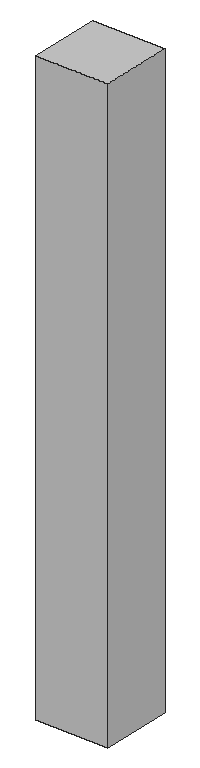
Revit family
Parameters (values of type "300 x 300mm")
  b = 300 mm
  Column Material [instance] = Concrete - Cast-in-Place Concrete
Types (5, lengths in mm): name | b
  (no name) | 300
  300 x 300mm | 300
  450 x 450mm | 450
  600 x 600mm | 600
  750 x 750mm | 750
Reference planes
  plane 1 "Center (Front/Back)": y = 0
  plane 2: z = 0
  plane 3 "Center (Left/Right)": x = 0
  plane 4: x = -150
  plane 5: x = 150
  plane 6: y = 150
  plane 7: y = -150
Forms (mm)
  Extrusion 1, solid, material "Concrete - Cast-in-Place Concrete" <- "Column Material"
    sketch origin (0, 0, 0) x (1, 0, 0) y (0, 1, 0)
      loop
        line (-150, 150) -> (-150, -150) -> (150, -150) -> (150, 150) -> (-150, 150)
    from 0 to 2500
Dimensions and locks
  equal spacing: plane 4, plane 3 "Center (Left/Right)", plane 5
  equal spacing: plane 7, plane 1 "Center (Front/Back)", plane 6
  "b": plane 7 to plane 6
  "b": plane 4 to plane 5
  aligned and locked: plane 6 to Extrusion 1 sketch curve
  aligned and locked: Extrusion 1 sketch curve to plane 7
  aligned and locked: Extrusion 1 sketch curve to plane 4
  aligned and locked: plane 5 to Extrusion 1 sketch curve
  aligned and locked: level to Extrusion 1
  aligned and locked: level to plane 2
  aligned and locked: Extrusion 1 to plane 2
